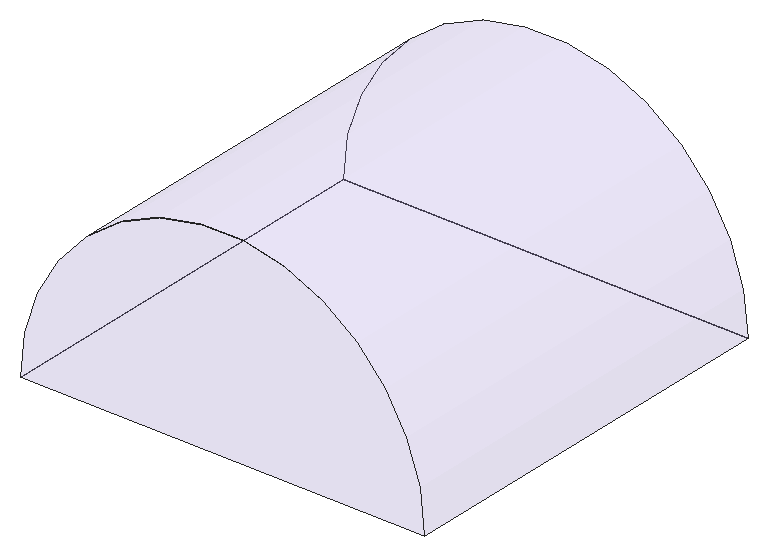
Revit family
Parameters
  Width [instance] = 9000 mm
  Mass Material [instance] = Default Mass
  Height [instance] = Width / 2  # 4500 mm
  Depth [instance] = 9000 mm
  Default Elevation = 1219.2 mm
Reference planes
  plane 1 "Center (Front/Back)": y = 12.955
  plane 2: z = 0
  plane 3 "Center (Left/Right)": x = -30.261
  plane 4: y = 4512.955
  plane 5: x = 4469.739
  plane 6: x = -4530.261
  plane 7: y = -4487.045
  plane 8: z = 4500
Forms (mm)
  Extrusion 1, solid, material "Default Mass" <- "Mass Material"
    sketch origin (0, 12.955, 0) x (1, 0, 0) y (0, 0, 1)
      loop
        arc (4469.739, 0) -> (-30.261, 4500) -> (-4530.261, 0) r 4500
        line (-4530.261, 0) -> (4469.739, 0)
    from -4500 to 4500
Dimensions and locks
  equal spacing: plane 6, plane 3 "Center (Left/Right)", plane 5
  "Width": plane 6 to plane 5
  equal spacing: plane 4, plane 1 "Center (Front/Back)", plane 7
  "Depth": plane 4 to plane 7
  "Height": plane 8 to plane 2
  locked: plane 2 to level
  "Height": radius of Extrusion 1 sketch curve
  aligned and locked: Extrusion 1 to plane 7
  aligned and locked: Extrusion 1 to plane 4
  aligned and locked: plane 2 to Extrusion 1 sketch curve
Automatic sketch dimensions
  Extrusion 1 sketch curve to plane 3 "Center (Left/Right)" = 0 mm
